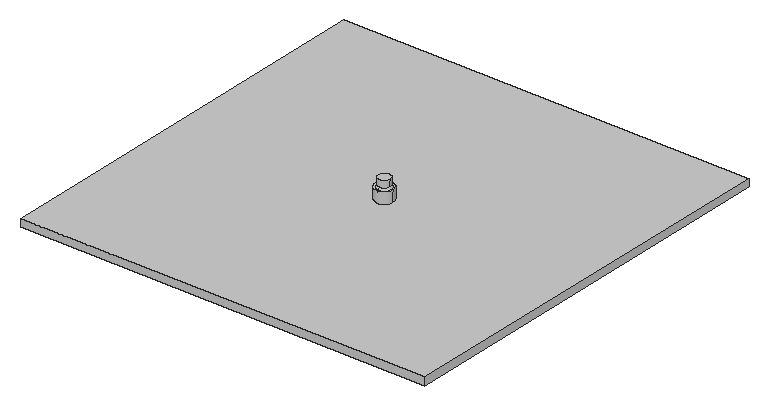
Revit family "SG0086523061CW", category Aparatos sanitarios, Revit 2019 (continued)
Automatic sketch dimensions
  Extrusion 582 sketch curve to plane 1 "Centro (Frontal/Posterior)" = 150.0 mm
  Extrusion 583 sketch curve to plane 3 "Centro (Izquierda/Derecha)" = 125.0 mm
  Extrusion 583 sketch curve to plane 1 "Centro (Frontal/Posterior)" = 150.0 mm
  Extrusion 584 sketch curve to plane 3 "Centro (Izquierda/Derecha)" = 100.0 mm
  Extrusion 584 sketch curve to plane 1 "Centro (Frontal/Posterior)" = 150.0 mm
  Extrusion 585 sketch curve to plane 3 "Centro (Izquierda/Derecha)" = 100.0 mm
  Extrusion 585 sketch curve to plane 1 "Centro (Frontal/Posterior)" = 150.0 mm
  Extrusion 586 sketch curve to plane 3 "Centro (Izquierda/Derecha)" = 75.0 mm
  Extrusion 586 sketch curve to plane 1 "Centro (Frontal/Posterior)" = 150.0 mm
  Extrusion 587 sketch curve to plane 3 "Centro (Izquierda/Derecha)" = 75.0 mm
  Extrusion 587 sketch curve to plane 1 "Centro (Frontal/Posterior)" = 150.0 mm
  Extrusion 588 sketch curve to plane 3 "Centro (Izquierda/Derecha)" = 50.0 mm
  Extrusion 588 sketch curve to plane 1 "Centro (Frontal/Posterior)" = 150.0 mm
  Extrusion 589 sketch curve to plane 3 "Centro (Izquierda/Derecha)" = 50.0 mm
  Extrusion 589 sketch curve to plane 1 "Centro (Frontal/Posterior)" = 150.0 mm
  Extrusion 590 sketch curve to plane 3 "Centro (Izquierda/Derecha)" = 25.0 mm
  Extrusion 590 sketch curve to plane 1 "Centro (Frontal/Posterior)" = 150.0 mm
  Extrusion 591 sketch curve to plane 3 "Centro (Izquierda/Derecha)" = 25.0 mm
  Extrusion 591 sketch curve to plane 1 "Centro (Frontal/Posterior)" = 150.0 mm
  Extrusion 592 sketch curve to plane 3 "Centro (Izquierda/Derecha)" = 0.0 mm
  Extrusion 592 sketch curve to plane 1 "Centro (Frontal/Posterior)" = 150.0 mm
  Extrusion 593 sketch curve to plane 3 "Centro (Izquierda/Derecha)" = 0.0 mm
  Extrusion 593 sketch curve to plane 1 "Centro (Frontal/Posterior)" = 150.0 mm
  plane 3 "Centro (Izquierda/Derecha)" to Extrusion 594 sketch curve = 25.0 mm
  Extrusion 594 sketch curve to plane 1 "Centro (Frontal/Posterior)" = 150.0 mm
  plane 3 "Centro (Izquierda/Derecha)" to Extrusion 595 sketch curve = 25.0 mm
  Extrusion 595 sketch curve to plane 1 "Centro (Frontal/Posterior)" = 150.0 mm
  plane 3 "Centro (Izquierda/Derecha)" to Extrusion 596 sketch curve = 50.0 mm
  Extrusion 596 sketch curve to plane 1 "Centro (Frontal/Posterior)" = 150.0 mm
  plane 3 "Centro (Izquierda/Derecha)" to Extrusion 597 sketch curve = 50.0 mm
  Extrusion 597 sketch curve to plane 1 "Centro (Frontal/Posterior)" = 150.0 mm
  plane 3 "Centro (Izquierda/Derecha)" to Extrusion 598 sketch curve = 75.0 mm
  Extrusion 598 sketch curve to plane 1 "Centro (Frontal/Posterior)" = 150.0 mm
  plane 3 "Centro (Izquierda/Derecha)" to Extrusion 599 sketch curve = 75.0 mm
  Extrusion 599 sketch curve to plane 1 "Centro (Frontal/Posterior)" = 150.0 mm
  plane 3 "Centro (Izquierda/Derecha)" to Extrusion 600 sketch curve = 100.0 mm
  Extrusion 600 sketch curve to plane 1 "Centro (Frontal/Posterior)" = 150.0 mm
  plane 3 "Centro (Izquierda/Derecha)" to Extrusion 601 sketch curve = 100.0 mm
  Extrusion 601 sketch curve to plane 1 "Centro (Frontal/Posterior)" = 150.0 mm
  plane 3 "Centro (Izquierda/Derecha)" to Extrusion 602 sketch curve = 125.0 mm
  Extrusion 602 sketch curve to plane 1 "Centro (Frontal/Posterior)" = 150.0 mm
  plane 3 "Centro (Izquierda/Derecha)" to Extrusion 603 sketch curve = 125.0 mm
  Extrusion 603 sketch curve to plane 1 "Centro (Frontal/Posterior)" = 150.0 mm
  plane 3 "Centro (Izquierda/Derecha)" to Extrusion 604 sketch curve = 150.0 mm
  Extrusion 604 sketch curve to plane 1 "Centro (Frontal/Posterior)" = 150.0 mm
  plane 3 "Centro (Izquierda/Derecha)" to Extrusion 605 sketch curve = 150.0 mm
  Extrusion 605 sketch curve to plane 1 "Centro (Frontal/Posterior)" = 150.0 mm
  plane 3 "Centro (Izquierda/Derecha)" to Extrusion 606 sketch curve = 175.0 mm
  Extrusion 606 sketch curve to plane 1 "Centro (Frontal/Posterior)" = 150.0 mm
  plane 3 "Centro (Izquierda/Derecha)" to Extrusion 607 sketch curve = 175.0 mm
  Extrusion 607 sketch curve to plane 1 "Centro (Frontal/Posterior)" = 150.0 mm
  plane 3 "Centro (Izquierda/Derecha)" to Extrusion 608 sketch curve = 200.0 mm
  Extrusion 608 sketch curve to plane 1 "Centro (Frontal/Posterior)" = 150.0 mm
  plane 3 "Centro (Izquierda/Derecha)" to Extrusion 609 sketch curve = 200.0 mm
  Extrusion 609 sketch curve to plane 1 "Centro (Frontal/Posterior)" = 150.0 mm
  plane 5 to Extrusion 610 sketch curve = 175.0 mm
  Extrusion 610 sketch curve to plane 1 "Centro (Frontal/Posterior)" = 150.0 mm
  plane 5 to Extrusion 611 sketch curve = 175.0 mm
  Extrusion 611 sketch curve to plane 1 "Centro (Frontal/Posterior)" = 150.0 mm
  plane 5 to Extrusion 612 sketch curve = 150.0 mm
  Extrusion 612 sketch curve to plane 1 "Centro (Frontal/Posterior)" = 150.0 mm
  plane 5 to Extrusion 613 sketch curve = 150.0 mm
  Extrusion 613 sketch curve to plane 1 "Centro (Frontal/Posterior)" = 150.0 mm
  plane 5 to Extrusion 614 sketch curve = 125.0 mm
  Extrusion 614 sketch curve to plane 1 "Centro (Frontal/Posterior)" = 150.0 mm
  plane 5 to Extrusion 615 sketch curve = 125.0 mm
  Extrusion 615 sketch curve to plane 1 "Centro (Frontal/Posterior)" = 150.0 mm
  plane 5 to Extrusion 616 sketch curve = 100.0 mm
  Extrusion 616 sketch curve to plane 1 "Centro (Frontal/Posterior)" = 150.0 mm
  plane 5 to Extrusion 617 sketch curve = 100.0 mm
  Extrusion 617 sketch curve to plane 1 "Centro (Frontal/Posterior)" = 150.0 mm
  plane 5 to Extrusion 618 sketch curve = 75.0 mm
  Extrusion 618 sketch curve to plane 1 "Centro (Frontal/Posterior)" = 150.0 mm
  plane 5 to Extrusion 619 sketch curve = 75.0 mm
  Extrusion 619 sketch curve to plane 1 "Centro (Frontal/Posterior)" = 150.0 mm
  plane 5 to Extrusion 620 sketch curve = 50.0 mm
  Extrusion 620 sketch curve to plane 1 "Centro (Frontal/Posterior)" = 150.0 mm
  plane 5 to Extrusion 621 sketch curve = 50.0 mm
  Extrusion 621 sketch curve to plane 1 "Centro (Frontal/Posterior)" = 150.0 mm
  plane 5 to Extrusion 622 sketch curve = 25.0 mm
  Extrusion 622 sketch curve to plane 1 "Centro (Frontal/Posterior)" = 150.0 mm
  plane 5 to Extrusion 623 sketch curve = 25.0 mm
  Extrusion 623 sketch curve to plane 1 "Centro (Frontal/Posterior)" = 150.0 mm
  Extrusion 624 sketch curve to plane 4 = 25.0 mm
  Extrusion 624 sketch curve to plane 1 "Centro (Frontal/Posterior)" = 125.0 mm
  Extrusion 625 sketch curve to plane 4 = 25.0 mm
  Extrusion 625 sketch curve to plane 1 "Centro (Frontal/Posterior)" = 125.0 mm
  Extrusion 626 sketch curve to plane 4 = 50.0 mm
  Extrusion 626 sketch curve to plane 1 "Centro (Frontal/Posterior)" = 125.0 mm
  Extrusion 627 sketch curve to plane 4 = 50.0 mm
  Extrusion 627 sketch curve to plane 1 "Centro (Frontal/Posterior)" = 125.0 mm
  Extrusion 628 sketch curve to plane 4 = 75.0 mm
  Extrusion 628 sketch curve to plane 1 "Centro (Frontal/Posterior)" = 125.0 mm
  Extrusion 629 sketch curve to plane 4 = 75.0 mm
  Extrusion 629 sketch curve to plane 1 "Centro (Frontal/Posterior)" = 125.0 mm
  Extrusion 630 sketch curve to plane 4 = 100.0 mm
  Extrusion 630 sketch curve to plane 1 "Centro (Frontal/Posterior)" = 125.0 mm
  Extrusion 631 sketch curve to plane 4 = 100.0 mm
  Extrusion 631 sketch curve to plane 1 "Centro (Frontal/Posterior)" = 125.0 mm
  Extrusion 632 sketch curve to plane 4 = 125.0 mm
  Extrusion 632 sketch curve to plane 1 "Centro (Frontal/Posterior)" = 125.0 mm
  Extrusion 633 sketch curve to plane 4 = 125.0 mm
  Extrusion 633 sketch curve to plane 1 "Centro (Frontal/Posterior)" = 125.0 mm
  Extrusion 634 sketch curve to plane 4 = 150.0 mm
  Extrusion 634 sketch curve to plane 1 "Centro (Frontal/Posterior)" = 125.0 mm
  Extrusion 635 sketch curve to plane 4 = 150.0 mm
  Extrusion 635 sketch curve to plane 1 "Centro (Frontal/Posterior)" = 125.0 mm
  Extrusion 636 sketch curve to plane 4 = 175.0 mm
  Extrusion 636 sketch curve to plane 1 "Centro (Frontal/Posterior)" = 125.0 mm
  Extrusion 637 sketch curve to plane 4 = 175.0 mm
  Extrusion 637 sketch curve to plane 1 "Centro (Frontal/Posterior)" = 125.0 mm
  Extrusion 638 sketch curve to plane 3 "Centro (Izquierda/Derecha)" = 200.0 mm
  Extrusion 638 sketch curve to plane 1 "Centro (Frontal/Posterior)" = 125.0 mm
  Extrusion 639 sketch curve to plane 3 "Centro (Izquierda/Derecha)" = 200.0 mm
  Extrusion 639 sketch curve to plane 1 "Centro (Frontal/Posterior)" = 125.0 mm
  Extrusion 640 sketch curve to plane 3 "Centro (Izquierda/Derecha)" = 175.0 mm
  Extrusion 640 sketch curve to plane 1 "Centro (Frontal/Posterior)" = 125.0 mm
  Extrusion 641 sketch curve to plane 3 "Centro (Izquierda/Derecha)" = 175.0 mm
  Extrusion 641 sketch curve to plane 1 "Centro (Frontal/Posterior)" = 125.0 mm
  Extrusion 642 sketch curve to plane 3 "Centro (Izquierda/Derecha)" = 150.0 mm
  Extrusion 642 sketch curve to plane 1 "Centro (Frontal/Posterior)" = 125.0 mm
  Extrusion 643 sketch curve to plane 3 "Centro (Izquierda/Derecha)" = 150.0 mm
  Extrusion 643 sketch curve to plane 1 "Centro (Frontal/Posterior)" = 125.0 mm
  Extrusion 644 sketch curve to plane 3 "Centro (Izquierda/Derecha)" = 125.0 mm
  Extrusion 644 sketch curve to plane 1 "Centro (Frontal/Posterior)" = 125.0 mm
  Extrusion 645 sketch curve to plane 3 "Centro (Izquierda/Derecha)" = 125.0 mm
  Extrusion 645 sketch curve to plane 1 "Centro (Frontal/Posterior)" = 125.0 mm
  Extrusion 646 sketch curve to plane 3 "Centro (Izquierda/Derecha)" = 100.0 mm
  Extrusion 646 sketch curve to plane 1 "Centro (Frontal/Posterior)" = 125.0 mm
  Extrusion 647 sketch curve to plane 3 "Centro (Izquierda/Derecha)" = 100.0 mm
  Extrusion 647 sketch curve to plane 1 "Centro (Frontal/Posterior)" = 125.0 mm
  Extrusion 648 sketch curve to plane 3 "Centro (Izquierda/Derecha)" = 75.0 mm
  Extrusion 648 sketch curve to plane 1 "Centro (Frontal/Posterior)" = 125.0 mm
  Extrusion 649 sketch curve to plane 3 "Centro (Izquierda/Derecha)" = 75.0 mm
  Extrusion 649 sketch curve to plane 1 "Centro (Frontal/Posterior)" = 125.0 mm
  Extrusion 650 sketch curve to plane 3 "Centro (Izquierda/Derecha)" = 50.0 mm
  Extrusion 650 sketch curve to plane 1 "Centro (Frontal/Posterior)" = 125.0 mm
  Extrusion 651 sketch curve to plane 3 "Centro (Izquierda/Derecha)" = 50.0 mm
  Extrusion 651 sketch curve to plane 1 "Centro (Frontal/Posterior)" = 125.0 mm
  Extrusion 652 sketch curve to plane 3 "Centro (Izquierda/Derecha)" = 25.0 mm
  Extrusion 652 sketch curve to plane 1 "Centro (Frontal/Posterior)" = 125.0 mm
  Extrusion 653 sketch curve to plane 3 "Centro (Izquierda/Derecha)" = 25.0 mm
  Extrusion 653 sketch curve to plane 1 "Centro (Frontal/Posterior)" = 125.0 mm
  Extrusion 654 sketch curve to plane 3 "Centro (Izquierda/Derecha)" = 0.0 mm
  Extrusion 654 sketch curve to plane 1 "Centro (Frontal/Posterior)" = 125.0 mm
  Extrusion 655 sketch curve to plane 3 "Centro (Izquierda/Derecha)" = 0.0 mm
  Extrusion 655 sketch curve to plane 1 "Centro (Frontal/Posterior)" = 125.0 mm
  plane 3 "Centro (Izquierda/Derecha)" to Extrusion 656 sketch curve = 25.0 mm
  Extrusion 656 sketch curve to plane 1 "Centro (Frontal/Posterior)" = 125.0 mm
  plane 3 "Centro (Izquierda/Derecha)" to Extrusion 657 sketch curve = 25.0 mm
  Extrusion 657 sketch curve to plane 1 "Centro (Frontal/Posterior)" = 125.0 mm
  plane 3 "Centro (Izquierda/Derecha)" to Extrusion 658 sketch curve = 50.0 mm
  Extrusion 658 sketch curve to plane 1 "Centro (Frontal/Posterior)" = 125.0 mm
  plane 3 "Centro (Izquierda/Derecha)" to Extrusion 659 sketch curve = 50.0 mm
  Extrusion 659 sketch curve to plane 1 "Centro (Frontal/Posterior)" = 125.0 mm
  plane 3 "Centro (Izquierda/Derecha)" to Extrusion 660 sketch curve = 75.0 mm
  Extrusion 660 sketch curve to plane 1 "Centro (Frontal/Posterior)" = 125.0 mm
  plane 3 "Centro (Izquierda/Derecha)" to Extrusion 661 sketch curve = 75.0 mm
  Extrusion 661 sketch curve to plane 1 "Centro (Frontal/Posterior)" = 125.0 mm
  plane 3 "Centro (Izquierda/Derecha)" to Extrusion 662 sketch curve = 100.0 mm
  Extrusion 662 sketch curve to plane 1 "Centro (Frontal/Posterior)" = 125.0 mm
  plane 3 "Centro (Izquierda/Derecha)" to Extrusion 663 sketch curve = 100.0 mm
  Extrusion 663 sketch curve to plane 1 "Centro (Frontal/Posterior)" = 125.0 mm
  plane 3 "Centro (Izquierda/Derecha)" to Extrusion 664 sketch curve = 125.0 mm
  Extrusion 664 sketch curve to plane 1 "Centro (Frontal/Posterior)" = 125.0 mm
  plane 3 "Centro (Izquierda/Derecha)" to Extrusion 665 sketch curve = 125.0 mm
  Extrusion 665 sketch curve to plane 1 "Centro (Frontal/Posterior)" = 125.0 mm
  plane 3 "Centro (Izquierda/Derecha)" to Extrusion 666 sketch curve = 150.0 mm
  Extrusion 666 sketch curve to plane 1 "Centro (Frontal/Posterior)" = 125.0 mm
  plane 3 "Centro (Izquierda/Derecha)" to Extrusion 667 sketch curve = 150.0 mm
  Extrusion 667 sketch curve to plane 1 "Centro (Frontal/Posterior)" = 125.0 mm
  plane 3 "Centro (Izquierda/Derecha)" to Extrusion 668 sketch curve = 175.0 mm
  Extrusion 668 sketch curve to plane 1 "Centro (Frontal/Posterior)" = 125.0 mm
  plane 3 "Centro (Izquierda/Derecha)" to Extrusion 669 sketch curve = 175.0 mm
  Extrusion 669 sketch curve to plane 1 "Centro (Frontal/Posterior)" = 125.0 mm
  plane 3 "Centro (Izquierda/Derecha)" to Extrusion 670 sketch curve = 200.0 mm
  Extrusion 670 sketch curve to plane 1 "Centro (Frontal/Posterior)" = 125.0 mm
  plane 3 "Centro (Izquierda/Derecha)" to Extrusion 671 sketch curve = 200.0 mm
  Extrusion 671 sketch curve to plane 1 "Centro (Frontal/Posterior)" = 125.0 mm
  plane 5 to Extrusion 672 sketch curve = 175.0 mm
  Extrusion 672 sketch curve to plane 1 "Centro (Frontal/Posterior)" = 125.0 mm
  plane 5 to Extrusion 673 sketch curve = 175.0 mm
  Extrusion 673 sketch curve to plane 1 "Centro (Frontal/Posterior)" = 125.0 mm
  plane 5 to Extrusion 674 sketch curve = 150.0 mm
  Extrusion 674 sketch curve to plane 1 "Centro (Frontal/Posterior)" = 125.0 mm
  plane 5 to Extrusion 675 sketch curve = 150.0 mm
  Extrusion 675 sketch curve to plane 1 "Centro (Frontal/Posterior)" = 125.0 mm
  plane 5 to Extrusion 676 sketch curve = 125.0 mm
  Extrusion 676 sketch curve to plane 1 "Centro (Frontal/Posterior)" = 125.0 mm
  plane 5 to Extrusion 677 sketch curve = 125.0 mm
  Extrusion 677 sketch curve to plane 1 "Centro (Frontal/Posterior)" = 125.0 mm
  plane 5 to Extrusion 678 sketch curve = 100.0 mm
  Extrusion 678 sketch curve to plane 1 "Centro (Frontal/Posterior)" = 125.0 mm
  plane 5 to Extrusion 679 sketch curve = 100.0 mm
  Extrusion 679 sketch curve to plane 1 "Centro (Frontal/Posterior)" = 125.0 mm
  plane 5 to Extrusion 680 sketch curve = 75.0 mm
  Extrusion 680 sketch curve to plane 1 "Centro (Frontal/Posterior)" = 125.0 mm
  plane 5 to Extrusion 681 sketch curve = 75.0 mm
  Extrusion 681 sketch curve to plane 1 "Centro (Frontal/Posterior)" = 125.0 mm
  plane 5 to Extrusion 682 sketch curve = 50.0 mm
  Extrusion 682 sketch curve to plane 1 "Centro (Frontal/Posterior)" = 125.0 mm
  plane 5 to Extrusion 683 sketch curve = 50.0 mm
  Extrusion 683 sketch curve to plane 1 "Centro (Frontal/Posterior)" = 125.0 mm
  plane 5 to Extrusion 684 sketch curve = 25.0 mm
  Extrusion 684 sketch curve to plane 1 "Centro (Frontal/Posterior)" = 125.0 mm
  plane 5 to Extrusion 685 sketch curve = 25.0 mm
  Extrusion 685 sketch curve to plane 1 "Centro (Frontal/Posterior)" = 125.0 mm
  Extrusion 686 sketch curve to plane 4 = 25.0 mm
  Extrusion 686 sketch curve to plane 1 "Centro (Frontal/Posterior)" = 100.0 mm
  Extrusion 687 sketch curve to plane 4 = 25.0 mm
  Extrusion 687 sketch curve to plane 1 "Centro (Frontal/Posterior)" = 100.0 mm
  Extrusion 688 sketch curve to plane 4 = 50.0 mm
  Extrusion 688 sketch curve to plane 1 "Centro (Frontal/Posterior)" = 100.0 mm
  Extrusion 689 sketch curve to plane 4 = 50.0 mm
  Extrusion 689 sketch curve to plane 1 "Centro (Frontal/Posterior)" = 100.0 mm
  Extrusion 690 sketch curve to plane 4 = 75.0 mm
  Extrusion 690 sketch curve to plane 1 "Centro (Frontal/Posterior)" = 100.0 mm
  Extrusion 691 sketch curve to plane 4 = 75.0 mm
  Extrusion 691 sketch curve to plane 1 "Centro (Frontal/Posterior)" = 100.0 mm
  Extrusion 692 sketch curve to plane 4 = 100.0 mm
  Extrusion 692 sketch curve to plane 1 "Centro (Frontal/Posterior)" = 100.0 mm
  Extrusion 693 sketch curve to plane 4 = 100.0 mm
  Extrusion 693 sketch curve to plane 1 "Centro (Frontal/Posterior)" = 100.0 mm
  Extrusion 694 sketch curve to plane 4 = 125.0 mm
  Extrusion 694 sketch curve to plane 1 "Centro (Frontal/Posterior)" = 100.0 mm
  Extrusion 695 sketch curve to plane 4 = 125.0 mm
  Extrusion 695 sketch curve to plane 1 "Centro (Frontal/Posterior)" = 100.0 mm
  Extrusion 696 sketch curve to plane 4 = 150.0 mm
  Extrusion 696 sketch curve to plane 1 "Centro (Frontal/Posterior)" = 100.0 mm
  Extrusion 697 sketch curve to plane 4 = 150.0 mm
  Extrusion 697 sketch curve to plane 1 "Centro (Frontal/Posterior)" = 100.0 mm
  Extrusion 698 sketch curve to plane 4 = 175.0 mm
  Extrusion 698 sketch curve to plane 1 "Centro (Frontal/Posterior)" = 100.0 mm
  Extrusion 699 sketch curve to plane 4 = 175.0 mm
  Extrusion 699 sketch curve to plane 1 "Centro (Frontal/Posterior)" = 100.0 mm
  Extrusion 700 sketch curve to plane 1 "Centro (Frontal/Posterior)" = 100.0 mm
  Extrusion 700 sketch curve to plane 3 "Centro (Izquierda/Derecha)" = 200.0 mm
  Extrusion 701 sketch curve to plane 1 "Centro (Frontal/Posterior)" = 100.0 mm
  Extrusion 701 sketch curve to plane 3 "Centro (Izquierda/Derecha)" = 200.0 mm
  Extrusion 702 sketch curve to plane 3 "Centro (Izquierda/Derecha)" = 175.0 mm
  Extrusion 702 sketch curve to plane 1 "Centro (Frontal/Posterior)" = 100.0 mm
  Extrusion 703 sketch curve to plane 3 "Centro (Izquierda/Derecha)" = 175.0 mm
  Extrusion 703 sketch curve to plane 1 "Centro (Frontal/Posterior)" = 100.0 mm
  Extrusion 704 sketch curve to plane 3 "Centro (Izquierda/Derecha)" = 150.0 mm
  Extrusion 704 sketch curve to plane 1 "Centro (Frontal/Posterior)" = 100.0 mm
  Extrusion 705 sketch curve to plane 3 "Centro (Izquierda/Derecha)" = 150.0 mm
  Extrusion 705 sketch curve to plane 1 "Centro (Frontal/Posterior)" = 100.0 mm
  Extrusion 706 sketch curve to plane 3 "Centro (Izquierda/Derecha)" = 125.0 mm
  Extrusion 706 sketch curve to plane 1 "Centro (Frontal/Posterior)" = 100.0 mm
  Extrusion 707 sketch curve to plane 3 "Centro (Izquierda/Derecha)" = 125.0 mm
  Extrusion 707 sketch curve to plane 1 "Centro (Frontal/Posterior)" = 100.0 mm
  Extrusion 708 sketch curve to plane 3 "Centro (Izquierda/Derecha)" = 100.0 mm
  Extrusion 708 sketch curve to plane 1 "Centro (Frontal/Posterior)" = 100.0 mm
  Extrusion 709 sketch curve to plane 3 "Centro (Izquierda/Derecha)" = 100.0 mm
  Extrusion 709 sketch curve to plane 1 "Centro (Frontal/Posterior)" = 100.0 mm
  Extrusion 710 sketch curve to plane 3 "Centro (Izquierda/Derecha)" = 75.0 mm
  Extrusion 710 sketch curve to plane 1 "Centro (Frontal/Posterior)" = 100.0 mm
  Extrusion 711 sketch curve to plane 3 "Centro (Izquierda/Derecha)" = 75.0 mm
  Extrusion 711 sketch curve to plane 1 "Centro (Frontal/Posterior)" = 100.0 mm
  Extrusion 712 sketch curve to plane 3 "Centro (Izquierda/Derecha)" = 50.0 mm
  Extrusion 712 sketch curve to plane 1 "Centro (Frontal/Posterior)" = 100.0 mm
  Extrusion 713 sketch curve to plane 3 "Centro (Izquierda/Derecha)" = 50.0 mm
  Extrusion 713 sketch curve to plane 1 "Centro (Frontal/Posterior)" = 100.0 mm
  Extrusion 714 sketch curve to plane 3 "Centro (Izquierda/Derecha)" = 25.0 mm
  Extrusion 714 sketch curve to plane 1 "Centro (Frontal/Posterior)" = 100.0 mm
  Extrusion 715 sketch curve to plane 3 "Centro (Izquierda/Derecha)" = 25.0 mm
  Extrusion 715 sketch curve to plane 1 "Centro (Frontal/Posterior)" = 100.0 mm
  Extrusion 716 sketch curve to plane 3 "Centro (Izquierda/Derecha)" = 0.0 mm
  Extrusion 716 sketch curve to plane 1 "Centro (Frontal/Posterior)" = 100.0 mm
  Extrusion 717 sketch curve to plane 3 "Centro (Izquierda/Derecha)" = 0.0 mm
  Extrusion 717 sketch curve to plane 1 "Centro (Frontal/Posterior)" = 100.0 mm
  plane 3 "Centro (Izquierda/Derecha)" to Extrusion 718 sketch curve = 25.0 mm
  Extrusion 718 sketch curve to plane 1 "Centro (Frontal/Posterior)" = 100.0 mm
  plane 3 "Centro (Izquierda/Derecha)" to Extrusion 719 sketch curve = 25.0 mm
  Extrusion 719 sketch curve to plane 1 "Centro (Frontal/Posterior)" = 100.0 mm
  plane 3 "Centro (Izquierda/Derecha)" to Extrusion 720 sketch curve = 50.0 mm
  Extrusion 720 sketch curve to plane 1 "Centro (Frontal/Posterior)" = 100.0 mm
  plane 3 "Centro (Izquierda/Derecha)" to Extrusion 721 sketch curve = 50.0 mm
  Extrusion 721 sketch curve to plane 1 "Centro (Frontal/Posterior)" = 100.0 mm
  plane 3 "Centro (Izquierda/Derecha)" to Extrusion 722 sketch curve = 75.0 mm
  Extrusion 722 sketch curve to plane 1 "Centro (Frontal/Posterior)" = 100.0 mm
  plane 3 "Centro (Izquierda/Derecha)" to Extrusion 723 sketch curve = 75.0 mm
  Extrusion 723 sketch curve to plane 1 "Centro (Frontal/Posterior)" = 100.0 mm
  plane 3 "Centro (Izquierda/Derecha)" to Extrusion 724 sketch curve = 100.0 mm
  Extrusion 724 sketch curve to plane 1 "Centro (Frontal/Posterior)" = 100.0 mm
  plane 3 "Centro (Izquierda/Derecha)" to Extrusion 725 sketch curve = 100.0 mm
  Extrusion 725 sketch curve to plane 1 "Centro (Frontal/Posterior)" = 100.0 mm
  plane 3 "Centro (Izquierda/Derecha)" to Extrusion 726 sketch curve = 125.0 mm
  Extrusion 726 sketch curve to plane 1 "Centro (Frontal/Posterior)" = 100.0 mm
  plane 3 "Centro (Izquierda/Derecha)" to Extrusion 727 sketch curve = 125.0 mm
  Extrusion 727 sketch curve to plane 1 "Centro (Frontal/Posterior)" = 100.0 mm
  plane 3 "Centro (Izquierda/Derecha)" to Extrusion 728 sketch curve = 150.0 mm
  Extrusion 728 sketch curve to plane 1 "Centro (Frontal/Posterior)" = 100.0 mm
  plane 3 "Centro (Izquierda/Derecha)" to Extrusion 729 sketch curve = 150.0 mm
  Extrusion 729 sketch curve to plane 1 "Centro (Frontal/Posterior)" = 100.0 mm
  plane 3 "Centro (Izquierda/Derecha)" to Extrusion 730 sketch curve = 175.0 mm
  Extrusion 730 sketch curve to plane 1 "Centro (Frontal/Posterior)" = 100.0 mm
  plane 3 "Centro (Izquierda/Derecha)" to Extrusion 731 sketch curve = 175.0 mm
  Extrusion 731 sketch curve to plane 1 "Centro (Frontal/Posterior)" = 100.0 mm
  Extrusion 732 sketch curve to plane 1 "Centro (Frontal/Posterior)" = 100.0 mm
  plane 3 "Centro (Izquierda/Derecha)" to Extrusion 732 sketch curve = 200.0 mm
  Extrusion 733 sketch curve to plane 1 "Centro (Frontal/Posterior)" = 100.0 mm
  plane 3 "Centro (Izquierda/Derecha)" to Extrusion 733 sketch curve = 200.0 mm
  plane 5 to Extrusion 734 sketch curve = 175.0 mm
  Extrusion 734 sketch curve to plane 1 "Centro (Frontal/Posterior)" = 100.0 mm
  plane 5 to Extrusion 735 sketch curve = 175.0 mm
  Extrusion 735 sketch curve to plane 1 "Centro (Frontal/Posterior)" = 100.0 mm
  plane 5 to Extrusion 736 sketch curve = 150.0 mm
  Extrusion 736 sketch curve to plane 1 "Centro (Frontal/Posterior)" = 100.0 mm
  plane 5 to Extrusion 737 sketch curve = 150.0 mm
  Extrusion 737 sketch curve to plane 1 "Centro (Frontal/Posterior)" = 100.0 mm
  plane 5 to Extrusion 738 sketch curve = 125.0 mm
  Extrusion 738 sketch curve to plane 1 "Centro (Frontal/Posterior)" = 100.0 mm
  plane 5 to Extrusion 739 sketch curve = 125.0 mm
  Extrusion 739 sketch curve to plane 1 "Centro (Frontal/Posterior)" = 100.0 mm
  plane 5 to Extrusion 740 sketch curve = 100.0 mm
  Extrusion 740 sketch curve to plane 1 "Centro (Frontal/Posterior)" = 100.0 mm
  plane 5 to Extrusion 741 sketch curve = 100.0 mm
  Extrusion 741 sketch curve to plane 1 "Centro (Frontal/Posterior)" = 100.0 mm
  plane 5 to Extrusion 742 sketch curve = 75.0 mm
  Extrusion 742 sketch curve to plane 1 "Centro (Frontal/Posterior)" = 100.0 mm
  plane 5 to Extrusion 743 sketch curve = 75.0 mm
  Extrusion 743 sketch curve to plane 1 "Centro (Frontal/Posterior)" = 100.0 mm
  plane 5 to Extrusion 744 sketch curve = 50.0 mm
  Extrusion 744 sketch curve to plane 1 "Centro (Frontal/Posterior)" = 100.0 mm
  plane 5 to Extrusion 745 sketch curve = 50.0 mm
  Extrusion 745 sketch curve to plane 1 "Centro (Frontal/Posterior)" = 100.0 mm
  plane 5 to Extrusion 746 sketch curve = 25.0 mm
  Extrusion 746 sketch curve to plane 1 "Centro (Frontal/Posterior)" = 100.0 mm
  plane 5 to Extrusion 747 sketch curve = 25.0 mm
  Extrusion 747 sketch curve to plane 1 "Centro (Frontal/Posterior)" = 100.0 mm
  Extrusion 748 sketch curve to plane 4 = 25.0 mm
  Extrusion 748 sketch curve to plane 1 "Centro (Frontal/Posterior)" = 75.0 mm
  Extrusion 749 sketch curve to plane 4 = 25.0 mm
  Extrusion 749 sketch curve to plane 1 "Centro (Frontal/Posterior)" = 75.0 mm
  Extrusion 750 sketch curve to plane 4 = 50.0 mm
  Extrusion 750 sketch curve to plane 1 "Centro (Frontal/Posterior)" = 75.0 mm
  Extrusion 751 sketch curve to plane 4 = 50.0 mm
  Extrusion 751 sketch curve to plane 1 "Centro (Frontal/Posterior)" = 75.0 mm
  Extrusion 752 sketch curve to plane 4 = 75.0 mm
  Extrusion 752 sketch curve to plane 1 "Centro (Frontal/Posterior)" = 75.0 mm
  Extrusion 753 sketch curve to plane 4 = 75.0 mm
  Extrusion 753 sketch curve to plane 1 "Centro (Frontal/Posterior)" = 75.0 mm
  Extrusion 754 sketch curve to plane 4 = 100.0 mm
  Extrusion 754 sketch curve to plane 1 "Centro (Frontal/Posterior)" = 75.0 mm
  Extrusion 755 sketch curve to plane 4 = 100.0 mm
  Extrusion 755 sketch curve to plane 1 "Centro (Frontal/Posterior)" = 75.0 mm
  Extrusion 756 sketch curve to plane 4 = 125.0 mm
  Extrusion 756 sketch curve to plane 1 "Centro (Frontal/Posterior)" = 75.0 mm
  Extrusion 757 sketch curve to plane 4 = 125.0 mm
  Extrusion 757 sketch curve to plane 1 "Centro (Frontal/Posterior)" = 75.0 mm
  Extrusion 758 sketch curve to plane 1 "Centro (Frontal/Posterior)" = 75.0 mm
  Extrusion 758 sketch curve to plane 4 = 150.0 mm
  Extrusion 759 sketch curve to plane 1 "Centro (Frontal/Posterior)" = 75.0 mm
  Extrusion 759 sketch curve to plane 4 = 150.0 mm
  Extrusion 760 sketch curve to plane 1 "Centro (Frontal/Posterior)" = 75.0 mm
  Extrusion 760 sketch curve to plane 4 = 175.0 mm
  Extrusion 761 sketch curve to plane 1 "Centro (Frontal/Posterior)" = 75.0 mm
  Extrusion 761 sketch curve to plane 4 = 175.0 mm
  Extrusion 762 sketch curve to plane 1 "Centro (Frontal/Posterior)" = 75.0 mm
  Extrusion 762 sketch curve to plane 3 "Centro (Izquierda/Derecha)" = 200.0 mm
  Extrusion 763 sketch curve to plane 1 "Centro (Frontal/Posterior)" = 75.0 mm
  Extrusion 763 sketch curve to plane 3 "Centro (Izquierda/Derecha)" = 200.0 mm
  Extrusion 764 sketch curve to plane 1 "Centro (Frontal/Posterior)" = 75.0 mm
  Extrusion 764 sketch curve to plane 3 "Centro (Izquierda/Derecha)" = 175.0 mm
  Extrusion 765 sketch curve to plane 1 "Centro (Frontal/Posterior)" = 75.0 mm
  Extrusion 765 sketch curve to plane 3 "Centro (Izquierda/Derecha)" = 175.0 mm
  Extrusion 766 sketch curve to plane 1 "Centro (Frontal/Posterior)" = 75.0 mm
  Extrusion 766 sketch curve to plane 3 "Centro (Izquierda/Derecha)" = 150.0 mm
  Extrusion 767 sketch curve to plane 1 "Centro (Frontal/Posterior)" = 75.0 mm
  Extrusion 767 sketch curve to plane 3 "Centro (Izquierda/Derecha)" = 150.0 mm
  Extrusion 768 sketch curve to plane 3 "Centro (Izquierda/Derecha)" = 125.0 mm
  Extrusion 768 sketch curve to plane 1 "Centro (Frontal/Posterior)" = 75.0 mm
  Extrusion 769 sketch curve to plane 3 "Centro (Izquierda/Derecha)" = 125.0 mm
  Extrusion 769 sketch curve to plane 1 "Centro (Frontal/Posterior)" = 75.0 mm
  Extrusion 770 sketch curve to plane 3 "Centro (Izquierda/Derecha)" = 100.0 mm
  Extrusion 770 sketch curve to plane 1 "Centro (Frontal/Posterior)" = 75.0 mm
  Extrusion 771 sketch curve to plane 3 "Centro (Izquierda/Derecha)" = 100.0 mm
  Extrusion 771 sketch curve to plane 1 "Centro (Frontal/Posterior)" = 75.0 mm
  Extrusion 772 sketch curve to plane 3 "Centro (Izquierda/Derecha)" = 75.0 mm
  Extrusion 772 sketch curve to plane 1 "Centro (Frontal/Posterior)" = 75.0 mm
  Extrusion 773 sketch curve to plane 3 "Centro (Izquierda/Derecha)" = 75.0 mm
  Extrusion 773 sketch curve to plane 1 "Centro (Frontal/Posterior)" = 75.0 mm
  Extrusion 774 sketch curve to plane 3 "Centro (Izquierda/Derecha)" = 50.0 mm
  Extrusion 774 sketch curve to plane 1 "Centro (Frontal/Posterior)" = 75.0 mm
  Extrusion 775 sketch curve to plane 3 "Centro (Izquierda/Derecha)" = 50.0 mm
  Extrusion 775 sketch curve to plane 1 "Centro (Frontal/Posterior)" = 75.0 mm
  Extrusion 776 sketch curve to plane 3 "Centro (Izquierda/Derecha)" = 25.0 mm
  Extrusion 776 sketch curve to plane 1 "Centro (Frontal/Posterior)" = 75.0 mm
  Extrusion 777 sketch curve to plane 3 "Centro (Izquierda/Derecha)" = 25.0 mm
  Extrusion 777 sketch curve to plane 1 "Centro (Frontal/Posterior)" = 75.0 mm
  Extrusion 778 sketch curve to plane 3 "Centro (Izquierda/Derecha)" = 0.0 mm
  Extrusion 778 sketch curve to plane 1 "Centro (Frontal/Posterior)" = 75.0 mm
  Extrusion 779 sketch curve to plane 3 "Centro (Izquierda/Derecha)" = 0.0 mm
  Extrusion 779 sketch curve to plane 1 "Centro (Frontal/Posterior)" = 75.0 mm
  plane 3 "Centro (Izquierda/Derecha)" to Extrusion 780 sketch curve = 25.0 mm
  Extrusion 780 sketch curve to plane 1 "Centro (Frontal/Posterior)" = 75.0 mm
  plane 3 "Centro (Izquierda/Derecha)" to Extrusion 781 sketch curve = 25.0 mm
  Extrusion 781 sketch curve to plane 1 "Centro (Frontal/Posterior)" = 75.0 mm
  plane 3 "Centro (Izquierda/Derecha)" to Extrusion 782 sketch curve = 50.0 mm
  Extrusion 782 sketch curve to plane 1 "Centro (Frontal/Posterior)" = 75.0 mm
  plane 3 "Centro (Izquierda/Derecha)" to Extrusion 783 sketch curve = 50.0 mm
  Extrusion 783 sketch curve to plane 1 "Centro (Frontal/Posterior)" = 75.0 mm
  plane 3 "Centro (Izquierda/Derecha)" to Extrusion 784 sketch curve = 75.0 mm
  Extrusion 784 sketch curve to plane 1 "Centro (Frontal/Posterior)" = 75.0 mm
  plane 3 "Centro (Izquierda/Derecha)" to Extrusion 785 sketch curve = 75.0 mm
  Extrusion 785 sketch curve to plane 1 "Centro (Frontal/Posterior)" = 75.0 mm
  plane 3 "Centro (Izquierda/Derecha)" to Extrusion 786 sketch curve = 100.0 mm
  Extrusion 786 sketch curve to plane 1 "Centro (Frontal/Posterior)" = 75.0 mm
  plane 3 "Centro (Izquierda/Derecha)" to Extrusion 787 sketch curve = 100.0 mm
  Extrusion 787 sketch curve to plane 1 "Centro (Frontal/Posterior)" = 75.0 mm
  plane 3 "Centro (Izquierda/Derecha)" to Extrusion 788 sketch curve = 125.0 mm
  Extrusion 788 sketch curve to plane 1 "Centro (Frontal/Posterior)" = 75.0 mm
  plane 3 "Centro (Izquierda/Derecha)" to Extrusion 789 sketch curve = 125.0 mm
  Extrusion 789 sketch curve to plane 1 "Centro (Frontal/Posterior)" = 75.0 mm
  Extrusion 790 sketch curve to plane 1 "Centro (Frontal/Posterior)" = 75.0 mm
  plane 3 "Centro (Izquierda/Derecha)" to Extrusion 790 sketch curve = 150.0 mm
  Extrusion 791 sketch curve to plane 1 "Centro (Frontal/Posterior)" = 75.0 mm
  plane 3 "Centro (Izquierda/Derecha)" to Extrusion 791 sketch curve = 150.0 mm
  Extrusion 792 sketch curve to plane 1 "Centro (Frontal/Posterior)" = 75.0 mm
  plane 3 "Centro (Izquierda/Derecha)" to Extrusion 792 sketch curve = 175.0 mm
  Extrusion 793 sketch curve to plane 1 "Centro (Frontal/Posterior)" = 75.0 mm
  plane 3 "Centro (Izquierda/Derecha)" to Extrusion 793 sketch curve = 175.0 mm
  Extrusion 794 sketch curve to plane 1 "Centro (Frontal/Posterior)" = 75.0 mm
  plane 3 "Centro (Izquierda/Derecha)" to Extrusion 794 sketch curve = 200.0 mm
  Extrusion 795 sketch curve to plane 1 "Centro (Frontal/Posterior)" = 75.0 mm
  plane 3 "Centro (Izquierda/Derecha)" to Extrusion 795 sketch curve = 200.0 mm
  Extrusion 796 sketch curve to plane 1 "Centro (Frontal/Posterior)" = 75.0 mm
  plane 5 to Extrusion 796 sketch curve = 175.0 mm
  Extrusion 797 sketch curve to plane 1 "Centro (Frontal/Posterior)" = 75.0 mm
  plane 5 to Extrusion 797 sketch curve = 175.0 mm
  Extrusion 798 sketch curve to plane 1 "Centro (Frontal/Posterior)" = 75.0 mm
  plane 5 to Extrusion 798 sketch curve = 150.0 mm
  Extrusion 799 sketch curve to plane 1 "Centro (Frontal/Posterior)" = 75.0 mm
  plane 5 to Extrusion 799 sketch curve = 150.0 mm
  plane 5 to Extrusion 800 sketch curve = 125.0 mm
  Extrusion 800 sketch curve to plane 1 "Centro (Frontal/Posterior)" = 75.0 mm
  plane 5 to Extrusion 801 sketch curve = 125.0 mm
  Extrusion 801 sketch curve to plane 1 "Centro (Frontal/Posterior)" = 75.0 mm
  plane 5 to Extrusion 802 sketch curve = 100.0 mm
  Extrusion 802 sketch curve to plane 1 "Centro (Frontal/Posterior)" = 75.0 mm
  plane 5 to Extrusion 803 sketch curve = 100.0 mm
  Extrusion 803 sketch curve to plane 1 "Centro (Frontal/Posterior)" = 75.0 mm
  plane 5 to Extrusion 804 sketch curve = 75.0 mm
  Extrusion 804 sketch curve to plane 1 "Centro (Frontal/Posterior)" = 75.0 mm
  plane 5 to Extrusion 805 sketch curve = 75.0 mm
  Extrusion 805 sketch curve to plane 1 "Centro (Frontal/Posterior)" = 75.0 mm
  plane 5 to Extrusion 806 sketch curve = 50.0 mm
  Extrusion 806 sketch curve to plane 1 "Centro (Frontal/Posterior)" = 75.0 mm
  plane 5 to Extrusion 807 sketch curve = 50.0 mm
  Extrusion 807 sketch curve to plane 1 "Centro (Frontal/Posterior)" = 75.0 mm
  plane 5 to Extrusion 808 sketch curve = 25.0 mm
  Extrusion 808 sketch curve to plane 1 "Centro (Frontal/Posterior)" = 75.0 mm
  plane 5 to Extrusion 809 sketch curve = 25.0 mm
  Extrusion 809 sketch curve to plane 1 "Centro (Frontal/Posterior)" = 75.0 mm
  Extrusion 810 sketch curve to plane 4 = 25.0 mm
  Extrusion 810 sketch curve to plane 1 "Centro (Frontal/Posterior)" = 50.0 mm
  Extrusion 811 sketch curve to plane 4 = 25.0 mm
  Extrusion 811 sketch curve to plane 1 "Centro (Frontal/Posterior)" = 50.0 mm
  Extrusion 812 sketch curve to plane 4 = 50.0 mm
  Extrusion 812 sketch curve to plane 1 "Centro (Frontal/Posterior)" = 50.0 mm
  Extrusion 813 sketch curve to plane 4 = 50.0 mm
  Extrusion 813 sketch curve to plane 1 "Centro (Frontal/Posterior)" = 50.0 mm
  Extrusion 814 sketch curve to plane 4 = 75.0 mm
  Extrusion 814 sketch curve to plane 1 "Centro (Frontal/Posterior)" = 50.0 mm
  Extrusion 815 sketch curve to plane 4 = 75.0 mm
  Extrusion 815 sketch curve to plane 1 "Centro (Frontal/Posterior)" = 50.0 mm
  Extrusion 816 sketch curve to plane 1 "Centro (Frontal/Posterior)" = 50.0 mm
  Extrusion 816 sketch curve to plane 4 = 100.0 mm
  Extrusion 817 sketch curve to plane 1 "Centro (Frontal/Posterior)" = 50.0 mm
  Extrusion 817 sketch curve to plane 4 = 100.0 mm
  Extrusion 818 sketch curve to plane 1 "Centro (Frontal/Posterior)" = 50.0 mm
  Extrusion 818 sketch curve to plane 4 = 125.0 mm
  Extrusion 819 sketch curve to plane 1 "Centro (Frontal/Posterior)" = 50.0 mm
  Extrusion 819 sketch curve to plane 4 = 125.0 mm
  Extrusion 820 sketch curve to plane 1 "Centro (Frontal/Posterior)" = 50.0 mm
  Extrusion 820 sketch curve to plane 4 = 150.0 mm
  Extrusion 821 sketch curve to plane 1 "Centro (Frontal/Posterior)" = 50.0 mm
  Extrusion 821 sketch curve to plane 4 = 150.0 mm
  Extrusion 822 sketch curve to plane 1 "Centro (Frontal/Posterior)" = 50.0 mm
  Extrusion 822 sketch curve to plane 4 = 175.0 mm
  Extrusion 823 sketch curve to plane 1 "Centro (Frontal/Posterior)" = 50.0 mm
  Extrusion 823 sketch curve to plane 4 = 175.0 mm
  Extrusion 824 sketch curve to plane 1 "Centro (Frontal/Posterior)" = 50.0 mm
  Extrusion 824 sketch curve to plane 3 "Centro (Izquierda/Derecha)" = 200.0 mm
  Extrusion 825 sketch curve to plane 1 "Centro (Frontal/Posterior)" = 50.0 mm
  Extrusion 825 sketch curve to plane 3 "Centro (Izquierda/Derecha)" = 200.0 mm
  Extrusion 826 sketch curve to plane 1 "Centro (Frontal/Posterior)" = 50.0 mm
  Extrusion 826 sketch curve to plane 3 "Centro (Izquierda/Derecha)" = 175.0 mm
  Extrusion 827 sketch curve to plane 1 "Centro (Frontal/Posterior)" = 50.0 mm
  Extrusion 827 sketch curve to plane 3 "Centro (Izquierda/Derecha)" = 175.0 mm
  Extrusion 828 sketch curve to plane 1 "Centro (Frontal/Posterior)" = 50.0 mm
  Extrusion 828 sketch curve to plane 3 "Centro (Izquierda/Derecha)" = 150.0 mm
  Extrusion 829 sketch curve to plane 1 "Centro (Frontal/Posterior)" = 50.0 mm
  Extrusion 829 sketch curve to plane 3 "Centro (Izquierda/Derecha)" = 150.0 mm
  Extrusion 830 sketch curve to plane 1 "Centro (Frontal/Posterior)" = 50.0 mm
  Extrusion 830 sketch curve to plane 3 "Centro (Izquierda/Derecha)" = 125.0 mm
  Extrusion 831 sketch curve to plane 1 "Centro (Frontal/Posterior)" = 50.0 mm
  Extrusion 831 sketch curve to plane 3 "Centro (Izquierda/Derecha)" = 125.0 mm
  Extrusion 832 sketch curve to plane 1 "Centro (Frontal/Posterior)" = 50.0 mm
  Extrusion 832 sketch curve to plane 3 "Centro (Izquierda/Derecha)" = 100.0 mm
  Extrusion 833 sketch curve to plane 1 "Centro (Frontal/Posterior)" = 50.0 mm
  Extrusion 833 sketch curve to plane 3 "Centro (Izquierda/Derecha)" = 100.0 mm
  Extrusion 834 sketch curve to plane 3 "Centro (Izquierda/Derecha)" = 75.0 mm
  Extrusion 834 sketch curve to plane 1 "Centro (Frontal/Posterior)" = 50.0 mm
  Extrusion 835 sketch curve to plane 3 "Centro (Izquierda/Derecha)" = 75.0 mm
  Extrusion 835 sketch curve to plane 1 "Centro (Frontal/Posterior)" = 50.0 mm
  Extrusion 836 sketch curve to plane 3 "Centro (Izquierda/Derecha)" = 50.0 mm
  Extrusion 836 sketch curve to plane 1 "Centro (Frontal/Posterior)" = 50.0 mm
  Extrusion 837 sketch curve to plane 3 "Centro (Izquierda/Derecha)" = 50.0 mm
  Extrusion 837 sketch curve to plane 1 "Centro (Frontal/Posterior)" = 50.0 mm
  Extrusion 838 sketch curve to plane 3 "Centro (Izquierda/Derecha)" = 25.0 mm
  Extrusion 838 sketch curve to plane 1 "Centro (Frontal/Posterior)" = 50.0 mm
  Extrusion 839 sketch curve to plane 3 "Centro (Izquierda/Derecha)" = 25.0 mm
  Extrusion 839 sketch curve to plane 1 "Centro (Frontal/Posterior)" = 50.0 mm
  Extrusion 840 sketch curve to plane 3 "Centro (Izquierda/Derecha)" = 0.0 mm
  Extrusion 840 sketch curve to plane 1 "Centro (Frontal/Posterior)" = 50.0 mm
  Extrusion 841 sketch curve to plane 3 "Centro (Izquierda/Derecha)" = 0.0 mm
  Extrusion 841 sketch curve to plane 1 "Centro (Frontal/Posterior)" = 50.0 mm
  plane 3 "Centro (Izquierda/Derecha)" to Extrusion 842 sketch curve = 25.0 mm
  Extrusion 842 sketch curve to plane 1 "Centro (Frontal/Posterior)" = 50.0 mm
  plane 3 "Centro (Izquierda/Derecha)" to Extrusion 843 sketch curve = 25.0 mm
  Extrusion 843 sketch curve to plane 1 "Centro (Frontal/Posterior)" = 50.0 mm
  plane 3 "Centro (Izquierda/Derecha)" to Extrusion 844 sketch curve = 50.0 mm
  Extrusion 844 sketch curve to plane 1 "Centro (Frontal/Posterior)" = 50.0 mm
  plane 3 "Centro (Izquierda/Derecha)" to Extrusion 845 sketch curve = 50.0 mm
  Extrusion 845 sketch curve to plane 1 "Centro (Frontal/Posterior)" = 50.0 mm
  plane 3 "Centro (Izquierda/Derecha)" to Extrusion 846 sketch curve = 75.0 mm
  Extrusion 846 sketch curve to plane 1 "Centro (Frontal/Posterior)" = 50.0 mm
  plane 3 "Centro (Izquierda/Derecha)" to Extrusion 847 sketch curve = 75.0 mm
  Extrusion 847 sketch curve to plane 1 "Centro (Frontal/Posterior)" = 50.0 mm
  Extrusion 848 sketch curve to plane 1 "Centro (Frontal/Posterior)" = 50.0 mm
  plane 3 "Centro (Izquierda/Derecha)" to Extrusion 848 sketch curve = 100.0 mm
  Extrusion 849 sketch curve to plane 1 "Centro (Frontal/Posterior)" = 50.0 mm
  plane 3 "Centro (Izquierda/Derecha)" to Extrusion 849 sketch curve = 100.0 mm
  Extrusion 850 sketch curve to plane 1 "Centro (Frontal/Posterior)" = 50.0 mm
  plane 3 "Centro (Izquierda/Derecha)" to Extrusion 850 sketch curve = 125.0 mm
  Extrusion 851 sketch curve to plane 1 "Centro (Frontal/Posterior)" = 50.0 mm
  plane 3 "Centro (Izquierda/Derecha)" to Extrusion 851 sketch curve = 125.0 mm
  Extrusion 852 sketch curve to plane 1 "Centro (Frontal/Posterior)" = 50.0 mm
  plane 3 "Centro (Izquierda/Derecha)" to Extrusion 852 sketch curve = 150.0 mm
  Extrusion 853 sketch curve to plane 1 "Centro (Frontal/Posterior)" = 50.0 mm
  plane 3 "Centro (Izquierda/Derecha)" to Extrusion 853 sketch curve = 150.0 mm
  Extrusion 854 sketch curve to plane 1 "Centro (Frontal/Posterior)" = 50.0 mm
  plane 3 "Centro (Izquierda/Derecha)" to Extrusion 854 sketch curve = 175.0 mm
  Extrusion 855 sketch curve to plane 1 "Centro (Frontal/Posterior)" = 50.0 mm
  plane 3 "Centro (Izquierda/Derecha)" to Extrusion 855 sketch curve = 175.0 mm
  Extrusion 856 sketch curve to plane 1 "Centro (Frontal/Posterior)" = 50.0 mm
  plane 3 "Centro (Izquierda/Derecha)" to Extrusion 856 sketch curve = 200.0 mm
  Extrusion 857 sketch curve to plane 1 "Centro (Frontal/Posterior)" = 50.0 mm
  plane 3 "Centro (Izquierda/Derecha)" to Extrusion 857 sketch curve = 200.0 mm
  Extrusion 858 sketch curve to plane 1 "Centro (Frontal/Posterior)" = 50.0 mm
  plane 5 to Extrusion 858 sketch curve = 175.0 mm
  Extrusion 859 sketch curve to plane 1 "Centro (Frontal/Posterior)" = 50.0 mm
  plane 5 to Extrusion 859 sketch curve = 175.0 mm
  Extrusion 860 sketch curve to plane 1 "Centro (Frontal/Posterior)" = 50.0 mm
  plane 5 to Extrusion 860 sketch curve = 150.0 mm
  Extrusion 861 sketch curve to plane 1 "Centro (Frontal/Posterior)" = 50.0 mm
  plane 5 to Extrusion 861 sketch curve = 150.0 mm
  Extrusion 862 sketch curve to plane 1 "Centro (Frontal/Posterior)" = 50.0 mm
  plane 5 to Extrusion 862 sketch curve = 125.0 mm
  Extrusion 863 sketch curve to plane 1 "Centro (Frontal/Posterior)" = 50.0 mm
  plane 5 to Extrusion 863 sketch curve = 125.0 mm
  Extrusion 864 sketch curve to plane 1 "Centro (Frontal/Posterior)" = 50.0 mm
  plane 5 to Extrusion 864 sketch curve = 100.0 mm
  Extrusion 865 sketch curve to plane 1 "Centro (Frontal/Posterior)" = 50.0 mm
  plane 5 to Extrusion 865 sketch curve = 100.0 mm
  plane 5 to Extrusion 866 sketch curve = 75.0 mm
  Extrusion 866 sketch curve to plane 1 "Centro (Frontal/Posterior)" = 50.0 mm
  plane 5 to Extrusion 867 sketch curve = 75.0 mm
  Extrusion 867 sketch curve to plane 1 "Centro (Frontal/Posterior)" = 50.0 mm
  plane 5 to Extrusion 868 sketch curve = 50.0 mm
  Extrusion 868 sketch curve to plane 1 "Centro (Frontal/Posterior)" = 50.0 mm
  plane 5 to Extrusion 869 sketch curve = 50.0 mm
  Extrusion 869 sketch curve to plane 1 "Centro (Frontal/Posterior)" = 50.0 mm
  plane 5 to Extrusion 870 sketch curve = 25.0 mm
  Extrusion 870 sketch curve to plane 1 "Centro (Frontal/Posterior)" = 50.0 mm
  plane 5 to Extrusion 871 sketch curve = 25.0 mm
  Extrusion 871 sketch curve to plane 1 "Centro (Frontal/Posterior)" = 50.0 mm
  Extrusion 872 sketch curve to plane 4 = 25.0 mm
  Extrusion 872 sketch curve to plane 1 "Centro (Frontal/Posterior)" = 25.0 mm
  Extrusion 873 sketch curve to plane 4 = 25.0 mm
  Extrusion 873 sketch curve to plane 1 "Centro (Frontal/Posterior)" = 25.0 mm
  Extrusion 874 sketch curve to plane 1 "Centro (Frontal/Posterior)" = 25.0 mm
  Extrusion 874 sketch curve to plane 4 = 50.0 mm
  Extrusion 875 sketch curve to plane 1 "Centro (Frontal/Posterior)" = 25.0 mm
  Extrusion 875 sketch curve to plane 4 = 50.0 mm
  Extrusion 876 sketch curve to plane 1 "Centro (Frontal/Posterior)" = 25.0 mm
  Extrusion 876 sketch curve to plane 4 = 75.0 mm
  Extrusion 877 sketch curve to plane 1 "Centro (Frontal/Posterior)" = 25.0 mm
  Extrusion 877 sketch curve to plane 4 = 75.0 mm
  Extrusion 878 sketch curve to plane 1 "Centro (Frontal/Posterior)" = 25.0 mm
  Extrusion 878 sketch curve to plane 4 = 100.0 mm
  Extrusion 879 sketch curve to plane 1 "Centro (Frontal/Posterior)" = 25.0 mm
  Extrusion 879 sketch curve to plane 4 = 100.0 mm
  Extrusion 880 sketch curve to plane 1 "Centro (Frontal/Posterior)" = 25.0 mm
  Extrusion 880 sketch curve to plane 4 = 125.0 mm
  Extrusion 881 sketch curve to plane 1 "Centro (Frontal/Posterior)" = 25.0 mm
  Extrusion 881 sketch curve to plane 4 = 125.0 mm
  Extrusion 882 sketch curve to plane 1 "Centro (Frontal/Posterior)" = 25.0 mm
  Extrusion 882 sketch curve to plane 4 = 150.0 mm
  Extrusion 883 sketch curve to plane 1 "Centro (Frontal/Posterior)" = 25.0 mm
  Extrusion 883 sketch curve to plane 4 = 150.0 mm
  Extrusion 884 sketch curve to plane 1 "Centro (Frontal/Posterior)" = 25.0 mm
  Extrusion 884 sketch curve to plane 4 = 175.0 mm
  Extrusion 885 sketch curve to plane 1 "Centro (Frontal/Posterior)" = 25.0 mm
  Extrusion 885 sketch curve to plane 4 = 175.0 mm
  Extrusion 886 sketch curve to plane 1 "Centro (Frontal/Posterior)" = 25.0 mm
  Extrusion 886 sketch curve to plane 3 "Centro (Izquierda/Derecha)" = 200.0 mm
  Extrusion 887 sketch curve to plane 1 "Centro (Frontal/Posterior)" = 25.0 mm
  Extrusion 887 sketch curve to plane 3 "Centro (Izquierda/Derecha)" = 200.0 mm
  Extrusion 888 sketch curve to plane 1 "Centro (Frontal/Posterior)" = 25.0 mm
  Extrusion 888 sketch curve to plane 3 "Centro (Izquierda/Derecha)" = 175.0 mm
  Extrusion 889 sketch curve to plane 1 "Centro (Frontal/Posterior)" = 25.0 mm
  Extrusion 889 sketch curve to plane 3 "Centro (Izquierda/Derecha)" = 175.0 mm
  Extrusion 890 sketch curve to plane 1 "Centro (Frontal/Posterior)" = 25.0 mm
  Extrusion 890 sketch curve to plane 3 "Centro (Izquierda/Derecha)" = 150.0 mm
  Extrusion 891 sketch curve to plane 1 "Centro (Frontal/Posterior)" = 25.0 mm
  Extrusion 891 sketch curve to plane 3 "Centro (Izquierda/Derecha)" = 150.0 mm
  Extrusion 892 sketch curve to plane 1 "Centro (Frontal/Posterior)" = 25.0 mm
  Extrusion 892 sketch curve to plane 3 "Centro (Izquierda/Derecha)" = 125.0 mm
  Extrusion 893 sketch curve to plane 1 "Centro (Frontal/Posterior)" = 25.0 mm
  Extrusion 893 sketch curve to plane 3 "Centro (Izquierda/Derecha)" = 125.0 mm
  Extrusion 894 sketch curve to plane 1 "Centro (Frontal/Posterior)" = 25.0 mm
  Extrusion 894 sketch curve to plane 3 "Centro (Izquierda/Derecha)" = 100.0 mm
  Extrusion 895 sketch curve to plane 1 "Centro (Frontal/Posterior)" = 25.0 mm
  Extrusion 895 sketch curve to plane 3 "Centro (Izquierda/Derecha)" = 100.0 mm
  Extrusion 896 sketch curve to plane 1 "Centro (Frontal/Posterior)" = 25.0 mm
  Extrusion 896 sketch curve to plane 3 "Centro (Izquierda/Derecha)" = 75.0 mm
  Extrusion 897 sketch curve to plane 1 "Centro (Frontal/Posterior)" = 25.0 mm
  Extrusion 897 sketch curve to plane 3 "Centro (Izquierda/Derecha)" = 75.0 mm
  Extrusion 898 sketch curve to plane 1 "Centro (Frontal/Posterior)" = 25.0 mm
  Extrusion 898 sketch curve to plane 3 "Centro (Izquierda/Derecha)" = 50.0 mm
  Extrusion 899 sketch curve to plane 1 "Centro (Frontal/Posterior)" = 25.0 mm
  Extrusion 899 sketch curve to plane 3 "Centro (Izquierda/Derecha)" = 50.0 mm
  Extrusion 900 sketch curve to plane 3 "Centro (Izquierda/Derecha)" = 25.0 mm
  Extrusion 900 sketch curve to plane 1 "Centro (Frontal/Posterior)" = 25.0 mm
  Extrusion 901 sketch curve to plane 3 "Centro (Izquierda/Derecha)" = 25.0 mm
  Extrusion 901 sketch curve to plane 1 "Centro (Frontal/Posterior)" = 25.0 mm
  Extrusion 902 sketch curve to plane 3 "Centro (Izquierda/Derecha)" = 0.0 mm
  Extrusion 902 sketch curve to plane 1 "Centro (Frontal/Posterior)" = 25.0 mm
  Extrusion 903 sketch curve to plane 3 "Centro (Izquierda/Derecha)" = 0.0 mm
  Extrusion 903 sketch curve to plane 1 "Centro (Frontal/Posterior)" = 25.0 mm
  plane 3 "Centro (Izquierda/Derecha)" to Extrusion 904 sketch curve = 25.0 mm
  Extrusion 904 sketch curve to plane 1 "Centro (Frontal/Posterior)" = 25.0 mm
  plane 3 "Centro (Izquierda/Derecha)" to Extrusion 905 sketch curve = 25.0 mm
  Extrusion 905 sketch curve to plane 1 "Centro (Frontal/Posterior)" = 25.0 mm
  Extrusion 906 sketch curve to plane 1 "Centro (Frontal/Posterior)" = 25.0 mm
  plane 3 "Centro (Izquierda/Derecha)" to Extrusion 906 sketch curve = 50.0 mm
  Extrusion 907 sketch curve to plane 1 "Centro (Frontal/Posterior)" = 25.0 mm
  plane 3 "Centro (Izquierda/Derecha)" to Extrusion 907 sketch curve = 50.0 mm
  Extrusion 908 sketch curve to plane 1 "Centro (Frontal/Posterior)" = 25.0 mm
  plane 3 "Centro (Izquierda/Derecha)" to Extrusion 908 sketch curve = 75.0 mm
  Extrusion 909 sketch curve to plane 1 "Centro (Frontal/Posterior)" = 25.0 mm
  plane 3 "Centro (Izquierda/Derecha)" to Extrusion 909 sketch curve = 75.0 mm
  Extrusion 910 sketch curve to plane 1 "Centro (Frontal/Posterior)" = 25.0 mm
  plane 3 "Centro (Izquierda/Derecha)" to Extrusion 910 sketch curve = 100.0 mm
  Extrusion 911 sketch curve to plane 1 "Centro (Frontal/Posterior)" = 25.0 mm
  plane 3 "Centro (Izquierda/Derecha)" to Extrusion 911 sketch curve = 100.0 mm
  Extrusion 912 sketch curve to plane 1 "Centro (Frontal/Posterior)" = 25.0 mm
  plane 3 "Centro (Izquierda/Derecha)" to Extrusion 912 sketch curve = 125.0 mm
  Extrusion 913 sketch curve to plane 1 "Centro (Frontal/Posterior)" = 25.0 mm
  plane 3 "Centro (Izquierda/Derecha)" to Extrusion 913 sketch curve = 125.0 mm
  Extrusion 914 sketch curve to plane 1 "Centro (Frontal/Posterior)" = 25.0 mm
  plane 3 "Centro (Izquierda/Derecha)" to Extrusion 914 sketch curve = 150.0 mm
  Extrusion 915 sketch curve to plane 1 "Centro (Frontal/Posterior)" = 25.0 mm
  plane 3 "Centro (Izquierda/Derecha)" to Extrusion 915 sketch curve = 150.0 mm
  Extrusion 916 sketch curve to plane 1 "Centro (Frontal/Posterior)" = 25.0 mm
  plane 3 "Centro (Izquierda/Derecha)" to Extrusion 916 sketch curve = 175.0 mm
  Extrusion 917 sketch curve to plane 1 "Centro (Frontal/Posterior)" = 25.0 mm
  plane 3 "Centro (Izquierda/Derecha)" to Extrusion 917 sketch curve = 175.0 mm
  Extrusion 918 sketch curve to plane 1 "Centro (Frontal/Posterior)" = 25.0 mm
  plane 3 "Centro (Izquierda/Derecha)" to Extrusion 918 sketch curve = 200.0 mm
  Extrusion 919 sketch curve to plane 1 "Centro (Frontal/Posterior)" = 25.0 mm
  plane 3 "Centro (Izquierda/Derecha)" to Extrusion 919 sketch curve = 200.0 mm
  Extrusion 920 sketch curve to plane 1 "Centro (Frontal/Posterior)" = 25.0 mm
  plane 5 to Extrusion 920 sketch curve = 175.0 mm
  Extrusion 921 sketch curve to plane 1 "Centro (Frontal/Posterior)" = 25.0 mm
  plane 5 to Extrusion 921 sketch curve = 175.0 mm
  Extrusion 922 sketch curve to plane 1 "Centro (Frontal/Posterior)" = 25.0 mm
  plane 5 to Extrusion 922 sketch curve = 150.0 mm
  Extrusion 923 sketch curve to plane 1 "Centro (Frontal/Posterior)" = 25.0 mm
  plane 5 to Extrusion 923 sketch curve = 150.0 mm
  Extrusion 924 sketch curve to plane 1 "Centro (Frontal/Posterior)" = 25.0 mm
  plane 5 to Extrusion 924 sketch curve = 125.0 mm
  Extrusion 925 sketch curve to plane 1 "Centro (Frontal/Posterior)" = 25.0 mm
  plane 5 to Extrusion 925 sketch curve = 125.0 mm
  Extrusion 926 sketch curve to plane 1 "Centro (Frontal/Posterior)" = 25.0 mm
  plane 5 to Extrusion 926 sketch curve = 100.0 mm
  Extrusion 927 sketch curve to plane 1 "Centro (Frontal/Posterior)" = 25.0 mm
  plane 5 to Extrusion 927 sketch curve = 100.0 mm
  Extrusion 928 sketch curve to plane 1 "Centro (Frontal/Posterior)" = 25.0 mm
  plane 5 to Extrusion 928 sketch curve = 75.0 mm
  Extrusion 929 sketch curve to plane 1 "Centro (Frontal/Posterior)" = 25.0 mm
  plane 5 to Extrusion 929 sketch curve = 75.0 mm
  Extrusion 930 sketch curve to plane 1 "Centro (Frontal/Posterior)" = 25.0 mm
  plane 5 to Extrusion 930 sketch curve = 50.0 mm
  Extrusion 931 sketch curve to plane 1 "Centro (Frontal/Posterior)" = 25.0 mm
  plane 5 to Extrusion 931 sketch curve = 50.0 mm
  plane 5 to Extrusion 932 sketch curve = 25.0 mm
  Extrusion 932 sketch curve to plane 1 "Centro (Frontal/Posterior)" = 25.0 mm
  plane 5 to Extrusion 933 sketch curve = 25.0 mm
  Extrusion 933 sketch curve to plane 1 "Centro (Frontal/Posterior)" = 25.0 mm
  plane 1 "Centro (Frontal/Posterior)" to Extrusion 934 sketch curve = 0.0 mm
  Extrusion 934 sketch curve to plane 4 = 25.0 mm
  plane 1 "Centro (Frontal/Posterior)" to Extrusion 935 sketch curve = 0.0 mm
  Extrusion 935 sketch curve to plane 4 = 25.0 mm
  plane 1 "Centro (Frontal/Posterior)" to Extrusion 936 sketch curve = 0.0 mm
  Extrusion 936 sketch curve to plane 4 = 50.0 mm
  plane 1 "Centro (Frontal/Posterior)" to Extrusion 937 sketch curve = 0.0 mm
  Extrusion 937 sketch curve to plane 4 = 50.0 mm
  plane 1 "Centro (Frontal/Posterior)" to Extrusion 938 sketch curve = 0.0 mm
  Extrusion 938 sketch curve to plane 4 = 75.0 mm
  plane 1 "Centro (Frontal/Posterior)" to Extrusion 939 sketch curve = 0.0 mm
  Extrusion 939 sketch curve to plane 4 = 75.0 mm
  plane 1 "Centro (Frontal/Posterior)" to Extrusion 940 sketch curve = 0.0 mm
  Extrusion 940 sketch curve to plane 4 = 100.0 mm
  plane 1 "Centro (Frontal/Posterior)" to Extrusion 941 sketch curve = 0.0 mm
  Extrusion 941 sketch curve to plane 4 = 100.0 mm
  plane 1 "Centro (Frontal/Posterior)" to Extrusion 942 sketch curve = 0.0 mm
  Extrusion 942 sketch curve to plane 4 = 125.0 mm
  plane 1 "Centro (Frontal/Posterior)" to Extrusion 943 sketch curve = 0.0 mm
  Extrusion 943 sketch curve to plane 4 = 125.0 mm
  plane 1 "Centro (Frontal/Posterior)" to Extrusion 944 sketch curve = 0.0 mm
  Extrusion 944 sketch curve to plane 4 = 150.0 mm
  plane 1 "Centro (Frontal/Posterior)" to Extrusion 945 sketch curve = 0.0 mm
  Extrusion 945 sketch curve to plane 4 = 150.0 mm
  plane 1 "Centro (Frontal/Posterior)" to Extrusion 946 sketch curve = 0.0 mm
  Extrusion 946 sketch curve to plane 4 = 175.0 mm
  plane 1 "Centro (Frontal/Posterior)" to Extrusion 947 sketch curve = 0.0 mm
  Extrusion 947 sketch curve to plane 4 = 175.0 mm
  plane 1 "Centro (Frontal/Posterior)" to Extrusion 948 sketch curve = 0.0 mm
  Extrusion 948 sketch curve to plane 3 "Centro (Izquierda/Derecha)" = 200.0 mm
  plane 1 "Centro (Frontal/Posterior)" to Extrusion 949 sketch curve = 0.0 mm
  Extrusion 949 sketch curve to plane 3 "Centro (Izquierda/Derecha)" = 200.0 mm
  plane 1 "Centro (Frontal/Posterior)" to Extrusion 950 sketch curve = 0.0 mm
  Extrusion 950 sketch curve to plane 3 "Centro (Izquierda/Derecha)" = 175.0 mm
  plane 1 "Centro (Frontal/Posterior)" to Extrusion 951 sketch curve = 0.0 mm
  Extrusion 951 sketch curve to plane 3 "Centro (Izquierda/Derecha)" = 175.0 mm
